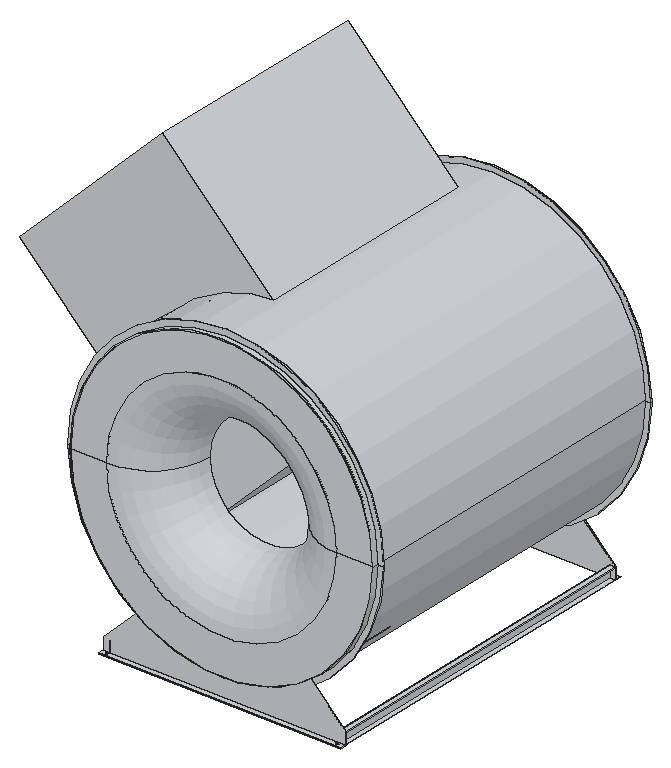
Revit family "QMXD-HP_Horizontal", category Mechanical Equipment, Revit 2019
Family settings
  Round Connector Dimension = Use Radius
  Part Type = Normal
  OmniClass Number = 23.75.35.17
  OmniClass Title = Fans
  Work Plane-Based = No
  Always vertical = Yes
  Cut with Voids When Loaded = No
  Shared = No
  Room Calculation Point = No
Parameters (values of type "540-QMX-HP_HOR")
  Unit Weight [instance] = ""
  Type_Mark [instance] = ""
  Sones [instance] = ""
  ROTATION = 45.00°  # constant formula
  POSITION [instance] = if(MOT_H, 84", if(MOT_G, 72", if(MOT_F, 60", if(MOT_E, 48", if(MOT_D, 36", if(MOT_C, 24", if(MOT_B, 12", 0")))))))  # 84"
  Motor RPM [instance] = ""
  Motor Enclosure [instance] = ""
  ModelID [instance] = ""
  MOT_H [instance] = yes
  MOT_G [instance] = no
  MOT_F [instance] = no
  MOT_E [instance] = no
  MOT_D [instance] = no
  MOT_C [instance] = no
  MOT_B [instance] = no
  MOT_A [instance] = no
  MOTOR_H [instance] = if(POSITION = 84", E - D, 1")  # 67 5/8"
  MOTOR_G [instance] = if(POSITION = 72", E - D, 1")  # 1"
  MOTOR_F [instance] = if(POSITION = 60", E - D, 1")  # 1"
  MOTOR_E [instance] = if(POSITION = 48", E - D, 1")  # 1"
  MOTOR_D [instance] = if(POSITION = 36", E - D, 1")  # 1"
  MOTOR_C [instance] = if(POSITION = 24", E - D, 1")  # 1"
  MOTOR_B [instance] = if(POSITION = 12", E - D, 1")  # 1"
  MOTOR_A [instance] = if(POSITION = 0", E - D, 1")  # 1"
  MCHALF = 25 123/256"
  MOTORCOVER = MCHALF * 2  # 50 123/128"
  LwA [instance] = ""
  H/2 = H / 2  # 13/32"
  H = 13/16"
  G/2 = G / 2  # 43 3/16"
  Fan RPM [instance] = ""
  Brake Hp [instance] = ""
  Accessories [instance] = ""
  90 = 90.00°  # constant formula
  45 = 45.00°
  3 = 3"  # constant formula
  1.9375 = 1 15/16"  # constant formula
  -B/3*2 = -B / 3 * 2  # -58"
  -(G/2)-.75 = -((G / 2) - 3/4")  # -42 7/16"
  (G/2)-.75 = (G / 2) - 3/4"  # 42 7/16"
  G+1.5 = G + 1 1/2"  # 87 7/8"
  G = 86 3/8"
  F/2 = F / 2  # 29"
  F-1.5 = F - 1 1/2"  # 56 1/2"
  F+1.5 = F + 1 1/2"  # 59 1/2"
  F = 58"
  E-D-1.5 = E - D - 1 1/2"  # 66 1/8"
  E-D = E - D  # 67 5/8"
  E = 110 15/16"
  D = 43 5/16"
  C/2 = C / 2  # 39 23/32"
  C = 79 7/16"
  B/8 = B / 6  # 14 1/2"
  B/6 = B / 6  # 14 1/2"
  B/3*2 = B / 3 * 2  # 58"
  B/2 = B / 2  # 43 1/2"
  B/10 = B / 10  # 8.7"
  B = 87"
  A/8 = A / 8  # 9 71/128"
  A/4 = A / 4  # 19 7/64"
  A/2 = A / 2  # 38 7/32"
  A = 76 7/16"
  0 = 0"  # constant formula
  Voltage [instance] = 0 V
  URL = "www.lorencook.com"
  Type Comments = "Mixed Flow Inline Horizontal Mount Belt Drive Arrangement 9"  # constant formula
  Static Pressure [instance] = 0.00 in-wg
  Power [instance] = Voltage * Motor FLA * sqrt(if(Phase = 3, 3, 1))  # 0 VA
  Phase [instance] = 0
  Number of Poles [instance] = 1
  Motor Hp [instance] = "0"
  Motor FLA [instance] = 0 A
  Model = "QMX"  # constant formula
  Manufacturer = "Loren Cook Company"
  CFM [instance] = 0 CFM
  1.5 = 1 1/2"  # constant formula
  ONE EIGTH = 1/8"  # constant formula
  -(B/2) = -(B / 2)  # -43 1/2"
  (F+3)/2 = (F + 3") / 2  # 30 1/2"
  (A/2)-.125 = (A / 2) - 1/8"  # 38 3/32"
Types (19): name | POSITION | MOT_H | MOT_G | MOT_B | MOTOR_H | MOTOR_G | MOTOR_B | MCHALF | MOTORCOVER | H/2 | H | G/2 | -B/3*2 | -(G/2)-.75 | (G/2)-.75 | G+1.5 | G | F/2 | F-1.5 | F+1.5 | F | E-D-1.5 | E-D | E | D | C/2 | C | B/8 | B/6 | B/3*2 | B/2 | B/10 | B | A/8 | A/4 | A/2 | A | -(B/2) | (F+3)/2 | (A/2)-.125
  (no name) | 84" | yes | no | no | 67 5/8" | 1" | 1" | 25 123/256" | 50 123/128" | 13/32" | 13/16" | 43 3/16" | -58" | -42 7/16" | 42 7/16" | 87 7/8" | 86 3/8" | 29" | 56 1/2" | 59 1/2" | 58" | 66 1/8" | 67 5/8" | 110 15/16" | 43 5/16" | 39 23/32" | 79 7/16" | 14 1/2" | 14 1/2" | 58" | 43 1/2" | 8.7" | 87" | 9 71/128" | 19 7/64" | 38 7/32" | 76 7/16" | -43 1/2" | 30 1/2" | 38 3/32"
  90-QMX-HP_HOR | 84" | yes | no | no | 22 3/4" | 1" | 1" | 6" | 12" | 1/4" | 1/2" | 9 3/16" | -13 1/4" | -8 7/16" | 8 7/16" | 19 7/8" | 18 3/8" | 6 3/16" | 10 7/8" | 13 7/8" | 12 3/8" | 21 1/4" | 22 3/4" | 31 1/4" | 8 1/2" | 7 15/16" | 15 7/8" | 3 5/16" | 3 5/16" | 13 1/4" | 9 15/16" | 1.9875" | 19 7/8" | 1 77/128" | 3 13/64" | 6 13/32" | 12 13/16" | -9 15/16" | 7 11/16" | 6 9/32"
  120-QMX-HP_HOR | 84" | yes | no | no | 26 3/16" | 1" | 1" | 8" | 16" | 1/4" | 1/2" | 11 1/4" | -16" | -10 1/2" | 10 1/2" | 24" | 22 1/2" | 7 3/4" | 14" | 17" | 15 1/2" | 24 11/16" | 26 3/16" | 36 11/16" | 10 1/2" | 10 1/32" | 20 1/16" | 4" | 4" | 16" | 12" | 2.4" | 24" | 2 17/128" | 4 17/64" | 8 17/32" | 17 1/16" | -12" | 9 1/4" | 8 13/32"
  135-QMX-HP_HOR | 84" | yes | no | no | 27 1/2" | 1" | 1" | 9" | 18" | 1/4" | 1/2" | 12 3/4" | -18" | -12" | 12" | 27" | 25 1/2" | 8 3/4" | 16" | 19" | 17 1/2" | 26" | 27 1/2" | 39 1/2" | 12" | 11 1/8" | 22 1/4" | 4 1/2" | 4 1/2" | 18" | 13 1/2" | 2.7" | 27" | 2 13/32" | 4 13/16" | 9 5/8" | 19 1/4" | -13 1/2" | 10 1/4" | 9 1/2"
  150-QMX-HP_HOR | 84" | yes | no | no | 28 7/8" | 1" | 1" | 10" | 20" | 1/4" | 1/2" | 14 5/16" | -20" | -13 9/16" | 13 9/16" | 30 1/8" | 28 5/8" | 9 3/8" | 17 1/4" | 20 1/4" | 18 3/4" | 27 3/8" | 28 7/8" | 42 1/16" | 13 3/16" | 12 3/16" | 24 3/8" | 5" | 5" | 20" | 15" | 3" | 30" | 2 43/64" | 5 11/32" | 10 11/16" | 21 3/8" | -15" | 10 7/8" | 10 9/16"
  165-QMX-HP_HOR | 84" | yes | no | no | 29 7/16" | 1" | 1" | 10" | 20" | 1/4" | 1/2" | 15 13/16" | -22" | -15 1/16" | 15 1/16" | 33 1/8" | 31 5/8" | 10 13/32" | 19 5/16" | 22 5/16" | 20 13/16" | 27 15/16" | 29 7/16" | 43 3/4" | 14 5/16" | 13 1/4" | 26 1/2" | 5 1/2" | 5 1/2" | 22" | 16 1/2" | 3.3" | 33" | 2 15/16" | 5 7/8" | 11 3/4" | 23 1/2" | -16 1/2" | 11 29/32" | 11 5/8"
  180-QMX-HP_HOR | 84" | yes | no | no | 30 3/4" | 1" | 1" | 10" | 20" | 9/32" | 9/16" | 16 13/16" | -23.33333" | -16 1/16" | 16 1/16" | 35 1/8" | 33 5/8" | 11 13/32" | 21 5/16" | 24 5/16" | 22 13/16" | 29 1/4" | 30 3/4" | 46 1/4" | 15 1/2" | 14 5/16" | 28 5/8" | 5.83333" | 5.83333" | 23.33333" | 17 1/2" | 3 1/2" | 35" | 3 13/64" | 6 13/32" | 12 13/16" | 25 5/8" | -17 1/2" | 12 29/32" | 12 11/16"
  202-QMX-HP_HOR | 84" | yes | no | no | 32 11/16" | 1" | 1" | 10" | 20" | 9/32" | 9/16" | 18 1/16" | -25" | -17 5/16" | 17 5/16" | 37 5/8" | 36 1/8" | 12 1/8" | 22 3/4" | 25 3/4" | 24 1/4" | 31 3/16" | 32 11/16" | 49 15/16" | 17 1/4" | 15 7/8" | 31 3/4" | 6 1/4" | 6 1/4" | 25" | 18 3/4" | 3 3/4" | 37 1/2" | 3 19/32" | 7 3/16" | 14 3/8" | 28 3/4" | -18 3/4" | 13 5/8" | 14 1/4"
  225-QMX-HP_HOR | 84" | yes | no | no | 36 13/16" | 1" | 1" | 10 165/256" | 21 37/128" | 9/32" | 9/16" | 19 13/16" | -27.33333" | -19 1/16" | 19 1/16" | 41 1/8" | 39 5/8" | 13 15/32" | 25 7/16" | 28 7/16" | 26 15/16" | 35 5/16" | 36 13/16" | 55 13/16" | 19" | 17 15/32" | 34 15/16" | 6.83333" | 6.83333" | 27.33333" | 20 1/2" | 4.1" | 41" | 3 127/128" | 7 63/64" | 15 31/32" | 31 15/16" | -20 1/2" | 14 31/32" | 15 27/32"
  245-QMX-HP_HOR | 84" | yes | no | no | 38 1/2" | 1" | 1" | 11 149/256" | 23 21/128" | 11/32" | 11/16" | 21 9/16" | -29.66667" | -20 13/16" | 20 13/16" | 44 5/8" | 43 1/8" | 14 15/32" | 27 7/16" | 30 7/16" | 28 15/16" | 37" | 38 1/2" | 59" | 20 1/2" | 18 7/8" | 37 3/4" | 7.41667" | 7.41667" | 29.66667" | 22 1/4" | 4.45" | 44 1/2" | 4 11/32" | 8 11/16" | 17 3/8" | 34 3/4" | -22 1/4" | 15 31/32" | 17 1/4"
  270-QMX-HP_HOR | 12" | no | no | yes | 1" | 1" | 40 7/16" | 12 197/256" | 25 69/128" | 11/32" | 11/16" | 22 13/16" | -31.33333" | -22 1/16" | 22 1/16" | 47 1/8" | 45 5/8" | 15 1/2" | 29 1/2" | 32 1/2" | 31" | 38 15/16" | 40 7/16" | 62 7/8" | 22 7/16" | 20 21/32" | 41 5/16" | 7.83333" | 7.83333" | 31.33333" | 23 1/2" | 4.7" | 47" | 4 101/128" | 9 37/64" | 19 5/32" | 38 5/16" | -23 1/2" | 17" | 19 1/32"
  300-QMX-HP_HOR | 84" | yes | no | no | 43 5/16" | 1" | 1" | 14 43/256" | 28 43/128" | 11/32" | 11/16" | 26 5/16" | -36" | -25 9/16" | 25 9/16" | 54 1/8" | 52 5/8" | 16 7/8" | 32 1/4" | 35 1/4" | 33 3/4" | 41 13/16" | 43 5/16" | 68 1/16" | 24 3/4" | 22 3/4" | 45 1/2" | 9" | 9" | 36" | 27" | 5.4" | 54" | 5 5/16" | 10 5/8" | 21 1/4" | 42 1/2" | -27" | 18 3/8" | 21 1/8"
  330-QMX-HP_HOR | 84" | yes | no | no | 47 13/16" | 1" | 1" | 15 149/256" | 31 21/128" | 11/32" | 11/16" | 28 9/16" | -39" | -27 13/16" | 27 13/16" | 58 5/8" | 57 1/8" | 18 3/8" | 35 1/4" | 38 1/4" | 36 3/4" | 46 5/16" | 47 13/16" | 74 13/16" | 27" | 24 7/8" | 49 3/4" | 9 3/4" | 9 3/4" | 39" | 29 1/4" | 5.85" | 58 1/2" | 5 27/32" | 11 11/16" | 23 3/8" | 46 3/4" | -29 1/4" | 19 7/8" | 23 1/4"
  365-QMX-HP_HOR | 84" | yes | no | no | 50 7/16" | 1" | 1" | 17 1/4" | 34 1/2" | 13/32" | 13/16" | 31 11/16" | -42.66667" | -30 15/16" | 30 15/16" | 64 7/8" | 63 3/8" | 20 1/4" | 39" | 42" | 40 1/2" | 48 15/16" | 50 7/16" | 80 1/4" | 29 13/16" | 27 3/8" | 54 3/4" | 10.66667" | 10.66667" | 42.66667" | 32" | 6.4" | 64" | 6 15/32" | 12 15/16" | 25 7/8" | 51 3/4" | -32" | 21 3/4" | 25 3/4"
  402-QMX-HP_HOR | 72" | no | yes | no | 1" | 55 5/8" | 1" | 18 251/256" | 37 123/128" | 13/32" | 13/16" | 33 15/16" | -45.66667" | -33 3/16" | 33 3/16" | 69 3/8" | 67 7/8" | 22" | 42 1/2" | 45 1/2" | 44" | 54 1/8" | 55 5/8" | 88 5/16" | 32 11/16" | 29 31/32" | 59 15/16" | 11.41667" | 11.41667" | 45.66667" | 34 1/4" | 6.85" | 68 1/2" | 7 15/128" | 14 15/64" | 28 15/32" | 56 15/16" | -34 1/4" | 23 1/2" | 28 11/32"
  445-QMX-HP_HOR | 84" | yes | no | no | 58 7/8" | 1" | 1" | 21 5/256" | 42 5/128" | 13/32" | 13/16" | 36 11/16" | -49.33333" | -35 15/16" | 35 15/16" | 74 7/8" | 73 3/8" | 24 1/8" | 46 3/4" | 49 3/4" | 48 1/4" | 57 3/8" | 58 7/8" | 94 7/8" | 36" | 33 1/32" | 66 1/16" | 12.33333" | 12.33333" | 49.33333" | 37" | 7.4" | 74" | 7 113/128" | 15 49/64" | 31 17/32" | 63 1/16" | -37" | 25 5/8" | 31 13/32"
  490-QMX-HP_HOR | 84" | yes | no | no | 63 15/16" | 1" | 1" | 23 1/8" | 46 1/4" | 13/32" | 13/16" | 39 15/16" | -53.66667" | -39 3/16" | 39 3/16" | 81 3/8" | 79 7/8" | 26 3/8" | 51 1/4" | 54 1/4" | 52 3/4" | 62 7/16" | 63 15/16" | 103 3/8" | 39 7/16" | 36 3/16" | 72 3/8" | 13.41667" | 13.41667" | 53.66667" | 40 1/4" | 8.05" | 80 1/2" | 8 43/64" | 17 11/32" | 34 11/16" | 69 3/8" | -40 1/4" | 27 7/8" | 34 9/16"
  540-QMX-HP_HOR | 84" | yes | no | no | 67 5/8" | 1" | 1" | 25 123/256" | 50 123/128" | 13/32" | 13/16" | 43 3/16" | -58" | -42 7/16" | 42 7/16" | 87 7/8" | 86 3/8" | 29" | 56 1/2" | 59 1/2" | 58" | 66 1/8" | 67 5/8" | 110 15/16" | 43 5/16" | 39 23/32" | 79 7/16" | 14 1/2" | 14 1/2" | 58" | 43 1/2" | 8.7" | 87" | 9 71/128" | 19 7/64" | 38 7/32" | 76 7/16" | -43 1/2" | 30 1/2" | 38 3/32"
  600-QMX-HP_HOR | 84" | yes | no | no | 72 1/16" | 1" | 1" | 25 123/256" | 50 123/128" | 13/32" | 13/16" | 47 7/16" | -63.66667" | -46 11/16" | 46 11/16" | 96 3/8" | 94 7/8" | 32" | 62 1/2" | 65 1/2" | 64" | 70 9/16" | 72 1/16" | 122 1/16" | 50" | 43 15/16" | 87 7/8" | 15.91667" | 15.91667" | 63.66667" | 47 3/4" | 9.55" | 95 1/2" | 10 39/64" | 21 7/32" | 42 7/16" | 84 7/8" | -47 3/4" | 33 1/2" | 42 5/16"
Reference planes (in)
  plane 1 "Center (Front/Back)": y = 0
  plane 2: z = 0
  plane 3 "Center (Left/Right)": x = 0.40541
Forms (in)
  Extrusion 1, solid
    sketch origin (0, 0, 0) x (1, 0, 0) y (0, 0, 1)
      loop
        circle (0.40541, 0) r 38.21875
      loop
        circle (0.40541, 0) r 38.09375
    from -43.5 <- "-(B/2)" to 43.5 <- "B/2"
  Revolve 2, solid
    sketch origin (0, 0, 0) x (1, 0, 0) y (0, 1, 0)
      loop
        line (-37.68834, -43.5) -> (0.40541, -43.5) -> (0.40541, -29) -> (-37.68834, -29) -> (-37.68834, -43.5)
      axis (0.40541, -43.5) -> (0.40541, -29)
    angle from 0 to 360
  Revolve 3, void
    sketch origin (0, 0, 0) x (1, 0, 0) y (0, 1, 0)
      loop
        line (0.40541, -29) -> (-14.09459, -29)
        arc (-14.09459, -29) -> (-18.34154, -39.25305) -> (-28.59459, -43.5) r 14.5
        line (-28.59459, -43.5) -> (0.40541, -43.5) -> (0.40541, -29)
      axis (0.40541, -29) -> (0.40541, -43.5)
    angle from 0 to 360
  Revolve 4, solid
    sketch origin (0, 0, 0) x (1, 0, 0) y (0, 1, 0)
      loop
        line (0.40541, 43.5) -> (-14.09459, 43.5) -> (-14.09459, 0) -> (0.40541, 0) -> (0.40541, 43.5)
      axis (0.40541, 43.5) -> (0.40541, 0)
    angle from 0 to 360
  Revolve 5, solid
    sketch origin (0, 0, 0) x (1, 0, 0) y (0, 1, 0)
      loop
        line (-39.31334, 42.25) -> (-39.31334, 42.125) -> (-37.81334, 42.125) -> (-37.81334, 42.25) -> (-39.31334, 42.25)
      loop
        line (-39.31334, -42) -> (-39.31334, -42.125) -> (-37.81334, -42.125) -> (-37.81334, -42) -> (-39.31334, -42)
      axis (0.40541, 42.25) -> (0.40541, -42.125)
    angle from 0 to 360
  Extrusion 6, solid, visible <- "MOT_A"
    sketch origin (0.40541, 42.125, 0) x (-1, 0, 0) y (0, 0, -1)
      loop
        line (9.55469, 0) -> (-9.55469, 0) -> (-9.55469, -0.875) -> (9.55469, -0.875) -> (9.55469, 0)
    from 0 to 8.7 <- "B/10"
  Extrusion 7, solid, visible <- "MOT_A"
    sketch origin (0.40541, 33.425, 0) x (-1, 0, 0) y (0, 0, -1)
      loop
        line (25.48047, 0) -> (-25.48047, 0) -> (-25.48047, -1) -> (25.48047, -1) -> (25.48047, 0)
    from 0 to 58 <- "B/3*2"
  Extrusion 8, solid
    sketch origin (0, 0, 0) x (1, 0, 0) y (0, 0, 1)
      loop
        line (-30.09459, -40.3125) -> (-30.09459, -40.4375) -> (-28.71959, -40.4375) -> (-28.71959, -43.1875) -> (-30.09459, -43.1875) -> (-30.09459, -43.3125) -> (-28.59459, -43.3125) -> (-28.59459, -40.3125) -> (-30.09459, -40.3125)
    from -42.4375 <- "-(G/2)-.75" to 42.4375 <- "(G/2)-.75"
  Extrusion 9, solid
    sketch origin (0.81082, 0, 0) x (-1, 0, 0) y (0, 0, -1)
      loop
        line (-30.09459, 40.3125) -> (-28.59459, 40.3125) -> (-28.59459, 43.3125) -> (-30.09459, 43.3125) -> (-30.09459, 43.1875) -> (-28.71959, 43.1875) -> (-28.71959, 40.4375) -> (-30.09459, 40.4375) -> (-30.09459, 40.3125)
    from -42.4375 <- "-(G/2)-.75" to 42.4375 <- "(G/2)-.75"
  Extrusion 10, solid
    sketch origin (0, -42.4375, 0) x (1, 0, 0) y (0, 0, 1)
      loop
        line (30.90541, -43.3125) -> (30.90541, -40.3125) -> (22.07481, -31.4819)
        arc (22.07481, -31.4819) -> (0.40541, -38.21875) -> (-21.26399, -31.4819) r 38.21875
        line (-21.26399, -31.4819) -> (-30.09459, -40.3125) -> (-30.09459, -43.3125) -> (30.90541, -43.3125)
    from 0 to 0.125
  Extrusion 11, solid
    sketch origin (0, 42.4375, 0) x (-1, 0, 0) y (0, 0, 1)
      loop
        line (30.09459, -43.3125) -> (30.09459, -40.3125) -> (21.26399, -31.4819)
        arc (21.26399, -31.4819) -> (-0.40541, -38.21875) -> (-22.07481, -31.4819) r 38.21875
        line (-22.07481, -31.4819) -> (-30.90541, -40.3125) -> (-30.90541, -43.3125) -> (30.09459, -43.3125)
    from 0 to 0.125
  Extrusion 12, solid
    sketch origin (29.40541, 0, -43.3125) x (0, -1, 0) y (-1, 0, 0)
      loop
        line (42.5625, -1.5) -> (44.0625, -1.5) -> (44.0625, 59.5) -> (42.5625, 59.5) -> (42.5625, -1.5)
      loop
        line (-42.5625, -1.5) -> (-42.5625, 59.5) -> (-44.0625, 59.5) -> (-44.0625, -1.5) -> (-42.5625, -1.5)
    from 0 to -0.125
  Extrusion 13, void
    sketch origin (29.40541, 0, -43.1875) x (1, 0, 0) y (0, -1, 0)
      loop
        circle (0, 43.1875) r 0.40625
      loop
        circle (-58, 43.1875) r 0.40625
      loop
        circle (-58, -43.1875) r 0.40625
      loop
        circle (0, -43.1875) r 0.40625
    from 0 to 0.125
  Extrusion 14, solid, visible <- "MOT_B"
    sketch origin (0.40541, -24.575, 0) x (-1, 0, 0) y (0, 0, -1)
      loop
        line (18.01741, -18.01741) -> (-18.01741, 18.01741) -> (-18.72452, 17.31031) -> (17.31031, -18.72452) -> (18.01741, -18.01741)
    from 0 to -58 <- "-B/3*2"
  Extrusion 15, solid, visible <- "MOT_C"
    sketch origin (0.40541, -24.575, 0) x (-1, 0, 0) y (0, 0, -1)
      loop
        line (-1, -25.48047) -> (0, -25.48047) -> (0, 25.48047) -> (-1, 25.48047) -> (-1, -25.48047)
    from 0 to -58 <- "-B/3*2"
  Extrusion 16, solid, visible <- "MOT_D"
    sketch origin (0.40541, -24.575, 0) x (-1, 0, 0) y (0, 0, -1)
      loop
        line (18.01741, 18.01741) -> (17.31031, 18.72452) -> (-18.72452, -17.31031) -> (-18.01741, -18.01741) -> (18.01741, 18.01741)
    from 0 to -58 <- "-B/3*2"
  Extrusion 17, solid, visible <- "MOT_E"
    sketch origin (0.40541, -24.575, 0) x (-1, 0, 0) y (0, 0, -1)
      loop
        line (25.48047, 1) -> (-25.48047, 1) -> (-25.48047, 0) -> (25.48047, 0) -> (25.48047, 1)
    from 0 to -58 <- "-B/3*2"
  Extrusion 18, solid, visible <- "MOT_F"
    sketch origin (0.40541, -24.575, 0) x (-1, 0, 0) y (0, 0, -1)
      loop
        line (18.72452, -17.31031) -> (-17.31031, 18.72452) -> (-18.01741, 18.01741) -> (18.01741, -18.01741) -> (18.72452, -17.31031)
    from 0 to -58 <- "-B/3*2"
  Extrusion 19, solid, visible <- "MOT_G"
    sketch origin (0.40541, -24.575, 0) x (-1, 0, 0) y (0, 0, -1)
      loop
        line (1, -25.48047) -> (1, 25.48047) -> (0, 25.48047) -> (0, -25.48047) -> (1, -25.48047)
    from 0 to -58 <- "-B/3*2"
  Extrusion 20, solid, visible <- "MOT_H"
    sketch origin (0.40541, -24.575, 0) x (-1, 0, 0) y (0, 0, -1)
      loop
        line (29.80068, -65.83551) -> (65.83551, -29.80068) -> (18.01741, 18.01741) -> (-18.01741, -18.01741) -> (29.80068, -65.83551)
    from 0 to -58 <- "-B/3*2"
  Extrusion 21, solid, visible <- "MOT_B"
    sketch origin (0.40541, 33.425, 0) x (1, 0, 0) y (0, 0, -1)
      loop
        line (7.3749, 6.13747) -> (6.75618, 6.75618) -> (-6.75618, -6.75618) -> (-6.13747, -7.3749) -> (7.3749, 6.13747)
    from 0 to 8.7 <- "B/10"
  Extrusion 22, solid, visible <- "MOT_C"
    sketch origin (0.40541, 33.425, 0) x (1, 0, 0) y (0, 0, -1)
      loop
        line (0.875, -9.55469) -> (0.875, 9.55469) -> (0, 9.55469) -> (0, -9.55469) -> (0.875, -9.55469)
    from 0 to 8.7 <- "B/10"
  Extrusion 23, solid, visible <- "MOT_D"
    sketch origin (0.40541, 33.425, 0) x (1, 0, 0) y (0, 0, -1)
      loop
        line (7.3749, -6.13747) -> (-6.13747, 7.3749) -> (-6.75618, 6.75618) -> (6.75618, -6.75618) -> (7.3749, -6.13747)
    from 0 to 8.7 <- "B/10"
  Extrusion 24, solid, visible <- "MOT_E"
    sketch origin (0.40541, 33.425, 0) x (1, 0, 0) y (0, 0, -1)
      loop
        line (9.55469, 0.875) -> (-9.55469, 0.875) -> (-9.55469, 0) -> (9.55469, 0) -> (9.55469, 0.875)
    from 0 to 8.7 <- "B/10"
  Extrusion 25, solid, visible <- "MOT_F"
    sketch origin (0.40541, 33.425, 0) x (1, 0, 0) y (0, 0, -1)
      loop
        line (6.75618, 6.75618) -> (6.13747, 7.3749) -> (-7.3749, -6.13747) -> (-6.75618, -6.75618) -> (6.75618, 6.75618)
    from 0 to 8.7 <- "B/10"
  Extrusion 26, solid, visible <- "MOT_G"
    sketch origin (0.40541, 33.425, 0) x (1, 0, 0) y (0, 0, -1)
      loop
        line (0, -9.55469) -> (0, 9.55469) -> (-0.875, 9.55469) -> (-0.875, -9.55469) -> (0, -9.55469)
    from 0 to 8.7 <- "B/10"
  Extrusion 27, solid, visible <- "MOT_H"
    sketch origin (0.40541, 33.425, 0) x (1, 0, 0) y (0, 0, -1)
      loop
        line (-40.97352, -54.48589) -> (6.75618, -6.75618) -> (-6.75618, 6.75618) -> (-54.48589, -40.97352) -> (-40.97352, -54.48589)
    from 0 to 8.7 <- "B/10"
Cuts and joins
  Revolve 3 cuts Revolve 2
  Extrusion 13 cuts Extrusion 8
  Extrusion 13 cuts Extrusion 9
  Extrusion 13 cuts Extrusion 10
  Extrusion 13 cuts Extrusion 11
  Extrusion 13 cuts Extrusion 12
Lines and regions (in)
  reference lines
    curve 1: line (0.40541, -42.4375, 0) -> (-47.41268, -42.4375, 47.8181)
    curve 2: line (0.40541, -42.4375, 0) -> (48.22351, -42.4375, 47.8181)
    curve 3: line (-47.41268, -42.4375, -47.8181) -> (0.40541, -42.4375, 0)
    curve 4: line (0.40541, -42.4375, 0) -> (48.22351, -42.4375, -47.8181)
Dimensions and locks (in)
  "0": Extrusion 1 sketch curve to level  (x2)
  "0": Revolve 2 sketch curve to plane 3 "Center (Left/Right)"  (x2)
  "0": Revolve 2 sketch curve to Extrusion 1
  "(A/2)-.125": Revolve 2 sketch curve to plane 3 "Center (Left/Right)"
  "B/8": Revolve 2 sketch curve to Extrusion 1
  "B/8": Revolve 3 sketch curve to plane 3 "Center (Left/Right)"
  "0": Revolve 3 sketch curve to Extrusion 1
  "0": Revolve 3 sketch curve to Revolve 2
  "0": Revolve 3 sketch curve to plane 3 "Center (Left/Right)"  (x2)
  "0": Revolve 4 sketch curve to plane 1 "Center (Front/Back)"
  "0": Revolve 4 sketch curve to plane 3 "Center (Left/Right)"  (x2)
  "B/8": Revolve 4 sketch curve to Revolve 4 sketch curve
  "ONE EIGTH": Revolve 5 sketch curve to Revolve 5 sketch curve  (x2)
  "A/2": Revolve 5 sketch curve to plane 3 "Center (Left/Right)"  (x2)
  "C/2": Revolve 5 sketch curve to plane 3 "Center (Left/Right)"  (x2)
  "0": Revolve 5 sketch curve to plane 3 "Center (Left/Right)"
  "(F+3)/2": plane 3 "Center (Left/Right)" to Extrusion 8 sketch curve
  "3": Extrusion 8 sketch curve to Extrusion 8 sketch curve
  "ONE EIGTH": Extrusion 8 sketch curve to Extrusion 8 sketch curve  (x3)
  "1.5": Extrusion 8 sketch curve to Extrusion 8 sketch curve
  "D": level to Extrusion 8 sketch curve
  "3": Extrusion 9 sketch curve to Extrusion 9 sketch curve
  "ONE EIGTH": Extrusion 9 sketch curve to Extrusion 9 sketch curve  (x3)
  "1.5": Extrusion 9 sketch curve to Extrusion 9 sketch curve
  "D": level to Extrusion 9 sketch curve
  "(F+3)/2": Extrusion 9 sketch curve to plane 3 "Center (Left/Right)"
  "0": Extrusion 10 sketch curve to plane 3 "Center (Left/Right)"
  "0": level to Extrusion 10 sketch curve
  "0": Extrusion 9 to Extrusion 10 sketch curve  (x3)
  "0": Extrusion 10 sketch curve to Extrusion 8  (x2)
  "0": Extrusion 10 sketch curve to Extrusion 10 sketch curve
  Extrusion 9 to Extrusion 10 = 0"
  "0": Extrusion 10 to Extrusion 11 sketch curve
  "0": Extrusion 11 sketch curve to level
  "0": Extrusion 11 sketch curve to plane 3 "Center (Left/Right)"
  "0": Extrusion 12 sketch curve to Extrusion 8  (x2)
  "1.5": Extrusion 10 to Extrusion 12 sketch curve
  "0": Extrusion 12 sketch curve to Extrusion 10
  "0": Extrusion 9 to Extrusion 12 sketch curve
  "0": Extrusion 12 sketch curve to Extrusion 11
  "1.5": Extrusion 12 sketch curve to Extrusion 11
  "0": Extrusion 12 sketch curve to Extrusion 9
  "G/2": plane 1 "Center (Front/Back)" to Extrusion 13 sketch curve  (x2)
  "F/2": plane 3 "Center (Left/Right)" to Extrusion 13 sketch curve  (x2)
  "F/2": Extrusion 13 sketch curve to plane 3 "Center (Left/Right)"  (x2)
  "G/2": Extrusion 13 sketch curve to plane 1 "Center (Front/Back)"  (x2)
  "1.9375": cut or joined group of Extrusion 12, Extrusion 13 to Revolve 5 sketch curve  (x2)
  "0": Extrusion 1 to Revolve 4 sketch curve
  "0": curve 1 to level
  "0": plane 3 "Center (Left/Right)" to curve 1
  "E-D": curve 1 to curve 1
  "0": curve 2 to plane 3 "Center (Left/Right)"
  "0": curve 2 to level
  "E-D": curve 2 to curve 2
  "MCHALF": plane 3 "Center (Left/Right)" to Extrusion 7 sketch curve
  "MCHALF": Extrusion 7 sketch curve to plane 3 "Center (Left/Right)"
  "0": Extrusion 7 sketch curve to level
  "MOTOR_A": Extrusion 7 sketch curve to level
  "0": Extrusion 6 sketch curve to level
  "ONE EIGTH": Extrusion 7 to Extrusion 6 sketch curve
  "A/8": plane 3 "Center (Left/Right)" to Extrusion 6 sketch curve  (x2)
  "0": level to curve 3
  "0": level to curve 4
  "0": curve 4 to plane 3 "Center (Left/Right)"
  "0": plane 3 "Center (Left/Right)" to curve 3
  "E-D": curve 3 to curve 3
  "E-D": curve 4 to curve 4
  "MCHALF": Extrusion 14 sketch curve to curve 2
  "MCHALF": curve 2 to Extrusion 14 sketch curve
  "MOTOR_B": Extrusion 14 sketch curve to Extrusion 14 sketch curve
  "0": Extrusion 14 sketch curve to curve 4
  "0": Extrusion 15 sketch curve to plane 3 "Center (Left/Right)"
  "MOTOR_C": Extrusion 15 sketch curve to plane 3 "Center (Left/Right)"
  "MCHALF": Extrusion 15 sketch curve to level
  "MCHALF": level to Extrusion 15 sketch curve
  "0": Extrusion 16 sketch curve to curve 3
  "MOTOR_D": Extrusion 16 sketch curve to curve 3
  "MCHALF": curve 4 to Extrusion 16 sketch curve
  "MCHALF": Extrusion 16 sketch curve to curve 4
  "0": Extrusion 17 sketch curve to level
  "MOTOR_E": level to Extrusion 17 sketch curve
  "MCHALF": Extrusion 17 sketch curve to plane 3 "Center (Left/Right)"  (x2)
  "0": curve 1 to Extrusion 18 sketch curve
  "MOTOR_F": curve 1 to Extrusion 18 sketch curve
  "MCHALF": Extrusion 18 sketch curve to curve 3  (x2)
  "0": Extrusion 19 sketch curve to plane 3 "Center (Left/Right)"
  "MOTOR_G": plane 3 "Center (Left/Right)" to Extrusion 19 sketch curve
  "MCHALF": Extrusion 19 sketch curve to level
  "MCHALF": level to Extrusion 19 sketch curve
  "0": curve 3 to Extrusion 20 sketch curve
  "MOTOR_H": curve 3 to Extrusion 20 sketch curve
  "MCHALF": Extrusion 20 sketch curve to curve 1  (x2)
  "0": Extrusion 21 sketch curve to curve 4
  "ONE EIGTH": Extrusion 21 sketch curve to Extrusion 14
  "A/8": curve 2 to Extrusion 21 sketch curve  (x2)
  "0": Extrusion 22 sketch curve to plane 3 "Center (Left/Right)"
  "ONE EIGTH": Extrusion 22 sketch curve to Extrusion 15
  "A/8": level to Extrusion 22 sketch curve
  "A/8": Extrusion 22 sketch curve to level
  "ONE EIGTH": Extrusion 16 to Extrusion 23 sketch curve
  "0": curve 3 to Extrusion 23 sketch curve
  "A/8": Extrusion 23 sketch curve to curve 4
  "A/8": curve 4 to Extrusion 23 sketch curve
  "ONE EIGTH": Extrusion 17 to Extrusion 24 sketch curve
  "0": Extrusion 24 sketch curve to level
  "A/8": Extrusion 24 sketch curve to Extrusion 19  (x2)
  "0": curve 4 to Extrusion 25 sketch curve
  "ONE EIGTH": Extrusion 18 to Extrusion 25 sketch curve
  "A/8": Extrusion 25 sketch curve to curve 3  (x2)
  "A/8": level to Extrusion 26 sketch curve
  "A/8": Extrusion 26 sketch curve to level
  "0": plane 3 "Center (Left/Right)" to Extrusion 26 sketch curve
  "ONE EIGTH": Extrusion 26 sketch curve to Extrusion 19
  "ONE EIGTH": Extrusion 27 sketch curve to Extrusion 20
  "0": Extrusion 27 sketch curve to Extrusion 20
  "A/8": curve 1 to Extrusion 27 sketch curve  (x2)
  "A/2": radius of Extrusion 1 sketch curve
  "(A/2)-.125": radius of Extrusion 1 sketch curve
  "B/8": radius of Revolve 3 sketch curve
  "A/2": radius of Extrusion 10 sketch curve
  "A/2": radius of Extrusion 11 sketch curve
  "H/2": radius of Extrusion 13 sketch curve  (x4)
  "45": angle Extrusion 8 to Extrusion 10 sketch curve
  "45": angle Extrusion 10 sketch curve to Extrusion 9
  "45": angle Extrusion 11 sketch curve to Extrusion 10
  "45": angle Extrusion 10 to Extrusion 11 sketch curve
  "ROTATION": angle curve 1 to level
  "90": angle curve 2 to curve 1
  "45": angle level to curve 3
  "45": angle curve 4 to level
Automatic sketch dimensions
  Extrusion 1 sketch curve to Extrusion 1 sketch curve = 0"
  Extrusion 1 sketch curve to plane 3 "Center (Left/Right)" = 0"
  Revolve 2 sketch curve to Revolve 2 sketch curve = 0"
  plane 1 "Center (Front/Back)" to Revolve 2 sketch curve = 3.17163"
  Revolve 3 sketch curve to Revolve 3 sketch curve = 0"  (x3)
  Revolve 3 sketch curve to Revolve 3 sketch curve = 3"
  Revolve 4 sketch curve to plane 1 "Center (Front/Back)" = 0"
  Revolve 4 sketch curve to Revolve 4 sketch curve = 4"
  Revolve 5 sketch curve to Revolve 5 sketch curve = 1 1/2"
  Revolve 5 sketch curve to Revolve 5 sketch curve = 4"
  Extrusion 8 sketch curve to Extrusion 8 sketch curve = 1 3/8"
  Extrusion 9 sketch curve to Extrusion 9 sketch curve = 0"
  Extrusion 10 sketch curve to Extrusion 8 = 0"
  Extrusion 10 sketch curve to Extrusion 10 sketch curve = 0"
  Extrusion 11 sketch curve to Extrusion 8 = 0"  (x4)
Connectors (in)
  hvac at (0.40541, -43.5, 0), driven by "A/2"
    settings: on cut or joined group of Revolve 2, Revolve 3, index 1, duct flow 0 CFM, flow factor 0, pres drop 0.00 in-wg, loss coef 0, conn angle 0.00°, conn width 12", conn height 12", conn diameter 76 7/16", duct sys type 29, conn prof type 0, flow config 0, flow direction 1, loss method 0, conn ref index -1, conn util no, is conn primary yes, conn desc ""
  hvac at (0.40541, 43.5, 0), driven by "A/2"
    settings: on Extrusion 1, index 2, duct flow 0 CFM, flow factor 0, pres drop 0.00 in-wg, loss coef 0, conn angle 0.00°, conn width 12", conn height 12", conn diameter 76 7/16", duct sys type 29, conn prof type 0, flow config 0, flow direction 2, loss method 0, conn ref index -1, conn util no, is conn primary no, conn desc ""
  electrical at (0.40541, -42.125, 0)
    settings: on Revolve 5, index 3, voltage 0 V, apparent load 0 VA, apparent load phase1 0 VA, apparent load phase2 0 VA, apparent load phase3 0 VA, power factor 1, load classification "Other", number of poles 1, system type 31, power factor state 1, is connector primary yes, connector utility no, sub classification motor no, connector description ""
